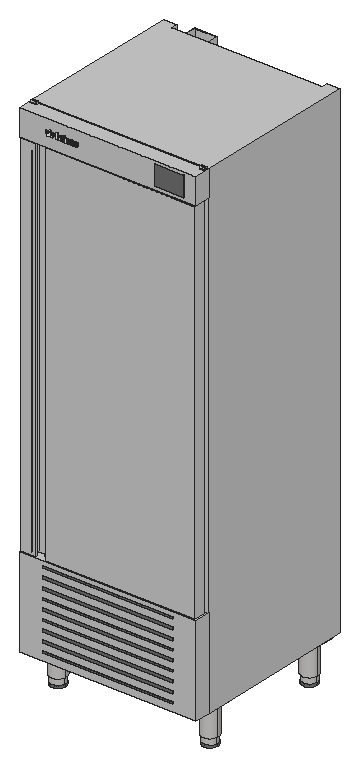
Revit family "QF_INFRICO_AN501BT_250808100037", category Specialty Equipment, Revit 2021
Family settings
  Round Connector Dimension = Use Diameter
  Part Type = Normal
  OmniClass Number = 23.40.40.14
  OmniClass Title = Food Service Equipment
  Work Plane-Based = No
  Always vertical = Yes
  Cut with Voids When Loaded = No
  Shared = No
  Room Calculation Point = No
Parameters (values of type "AN501BT")
  Weight [instance] = 0.00 kg
  Waste Water Discharge Temperature [instance] = 0 °C
  Waste Remarks [instance] = ""
  Warranty Start Date [instance] = ""
  Warranty Duration [instance] = ""
  Volts [instance] = 230 V
  Volt Free Conn [instance] = no
  URL Recommended Spares List [instance] = ""
  URL Manufacturer [instance] = ""
  URL Cutsheet [instance] = ""
  URL Critical Spares List [instance] = ""
  URL = "www.infrico.com"
  Technical Documentation [instance] = ""
  Tag Number [instance] = ""
  Status [instance] = ""
  Start Up Current [instance] = 0 A
  Specification by User [instance] = ""
  Specification by Manufacturer [instance] = ""
  Sound Level [instance] = ""
  Show Logo [instance] = yes
  Show Clearances [instance] = yes
  Service Life Duration [instance] = ""
  Serial Number [instance] = ""
  Seismic Rating [instance] = ""
  SMACNA No [instance] = ""
  Revision Code [instance] = ""
  Revision [instance] = ""
  Production Year [instance] = ""
  Potential Equalisation [instance] = no
  Point Load [instance] = 0
  Plumbing Connection Type [instance] = ""
  Phase [instance] = 1
  Other Equipment Approvals [instance] = ""
  Operational Current [instance] = 0 A
  Number of Poles [instance] = 2
  No Load Power Draw [instance] = no
  NAFEM Spec ID Number [instance] = ""
  Model Warning [instance] = ""
  Model = "AN501BT"
  Min Ckt Ampacity [instance] = 0 A
  Max Overcurrent Protection [instance] = 0 A
  Masterspec [instance] = ""
  Manufacturer = "INFRICO"
  Main switch integrated [instance] = no
  Length Actual [instance] = 687.07 mm
  Item Number [instance] = ""
  Installed By [instance] = ""
  Installation Date [instance] = ""
  Indirect Waste Size [instance] = 19.05 mm
  Indirect Waste Remarks [instance] = ""
  Indirect Waste Flow [instance] = 0.0 L/s
  Indirect Waste Connection Type [instance] = ""
  Indirect Waste Connection Height [instance] = 0 mm
  Identify Quantity as Lot [instance] = no
  ID [instance] = ""
  Hygiene Approval [instance] = ""
  Height Actual [instance] = 2059.94 mm
  HP power [instance] = ""
  Furnished By [instance] = ""
  Foodservice Equipment Identifier [instance] = no
  FL Amps [instance] = 0 A
  Electrical Remarks [instance] = ""
  Electric power [instance] = 600 W
  Electric Connection Type [instance] = ""
  Elec Conn RI Height [instance] = 0 mm
  Elec Conn Connection Height [instance] = 0 mm
  ETL Approved [instance] = no
  Direct Waste Water Discharge Temperature [instance] = -273.15 °C
  Direct Waste Size [instance] = 19.05 mm
  Direct Waste RI Height [instance] = 0 mm
  Direct Waste Flow [instance] = 0.0 L/s
  Direct Waste Connection Height [instance] = 0 mm
  Description = "BOTTOM MOUNTED REFRIGERATOR AND FREEZER REACH IN - ONE DOOR - R290"
  Depth Actual [instance] = 700.024 mm
  Default Elevation = 0 mm
  Cycle [instance] = 50 Hz
  Cost = 0
  Connection to energy optimisation system [instance] = yes
  Conn Plug [instance] = ""
  Conn Conduit [instance] = no
  Centralized building control system with digital interface [instance] = ""
  CSI MasterFormat [instance] = ""
  CE Approved [instance] = no
  Barcode [instance] = 0
  Author [instance] = ""
  Asset Identifier [instance] = ""
  Apparent Power [instance] = 600 VA
  Accessory [instance] = no
Reference planes
  plane 1 "Center (Front/Back)": y = 0
  plane 2: z = 0
  plane 3 "Center (Left/Right)": x = 0
Forms (mm)
  Extrusion 1, solid, not visible
    sketch origin (343.517, -106.005, 409.52) x (1, 0, 0) y (0, 1, 0)
      loop
        line (-2, 2) -> (-2, -2) -> (2, -2) -> (2, 2) -> (-2, 2)
    from -2 to 2
  Extrusion 2, solid, not visible
    sketch origin (563.027, -20.001, 2021.099) x (1, 0, 0) y (0, 1, 0)
      loop
        line (-2, 2) -> (-2, -2) -> (2, -2) -> (2, 2) -> (-2, 2)
    from -2 to 2
Dimensions and locks
  locked: nested 2 to Extrusion 1 at 2  (x2)
  locked: nested 3 to Extrusion 2 at 2  (x2)
  aligned and locked: level to plane 2
Nested families
  nested 1: "QF_INFRICO_A500_2920" at (0, 0, 150), type "AN501BT"
    with Weight 0.00 kg, Warranty Start Date "", Warranty Duration "", URL Cutsheet "", Technical Documentation "", Tag Number "", Status "", Specification by User "", Specification by Manufacturer "", Sound Level "", Solid Fuel Type "", Show Logo yes, Show Clearances yes, Show Clearance yes, Service Life Duration "", Serial Number "", Seismic Rating "", SMACNA No "", Revision Code "", Revision "", Production Year "", Point Load 0, Other Equipment Approvals "", NAFEM Spec ID Number "", Model Warning "", Masterspec "", Length Actual 687.07 mm, Item Number "", Installed By "", Installation Date "", Identify Quantity as Lot yes, ID "", Hygiene Approval "", Height Actual 2059.94 mm, Furnished By "", Foodservice Equipment Identifier yes, ETL Approved yes, Depth Actual 700.024 mm, CSI MasterFormat "", CE Approved no, Barcode "", Author "", Asset Identifier "", Accessory no
  nested 2: "CONN_POINT_DRAIN_2D___Generic_Annotation" at (343.517, -106.005, 407.52), type "CONN_POINT_DRAIN_2D___Generic_Annotation"
    with Onboard connection annotation symbol visibility yes
  nested 3: "CONN_POINT_ELE_2D___Generic_Annotation" at (563.027, -20.001, 2019.099), type "CONN_POINT_ELE_2D___Generic_Annotation"
    with Onboard connection annotation symbol visibility yes
  nested 4: "QF_INFRICO_AN_DOOR_DX_10_4932" at (5, -640, 505), type "AN_DOOR_DX_10"
    with Weight 0.00 kg, Warranty Start Date "", Warranty Duration "", URL Cutsheet "", Technical Documentation "", Tag Number "", Status "", Specification by User "", Specification by Manufacturer "", Sound Level "", Solid Fuel Type "", Show Logo yes, Show Clearances yes, Show Clearance yes, Service Life Duration "", Serial Number "", Seismic Rating "", SMACNA No "", Revision Code "", Revision "", Production Year "", Point Load 0, Other Equipment Approvals "", NAFEM Spec ID Number "", Model Warning "", Masterspec "", Length Actual 675.894 mm, Item Number "", Installed By "", Installation Date "", Identify Quantity as Lot yes, ID "", Hygiene Approval "", Height Actual 1441.958 mm, Furnished By "", Foodservice Equipment Identifier yes, ETL Approved yes, Depth Actual 60.96 mm, CSI MasterFormat "", CE Approved no, Barcode "", Author "", Asset Identifier "", Accessory yes
  nested 5: "QF_INFRICO_LEGS_REACH_INS_5719" at (0, 0, 0), type "LEGS_687_640"
    with Weight 0.00 kg, Warranty Start Date "", Warranty Duration "", URL Cutsheet "", Technical Documentation "", Tag Number "", Status "", Specification by User "", Specification by Manufacturer "", Sound Level "", Solid Fuel Type "", Show Logo yes, Show Clearances yes, Service Life Duration "", Serial Number "", Seismic Rating "", SMACNA No "", Revision Code "", Revision "", Production Year "", Point Load 0, Other Equipment Approvals "", NAFEM Spec ID Number "", Model Warning "", Masterspec "", Length Actual 687.07 mm, Item Number "", Installed By "", Installation Date "", Identify Quantity as Lot yes, ID "", Hygiene Approval "", Height Actual 150.114 mm, Furnished By "", Foodservice Equipment Identifier yes, ETL Approved yes, Depth Actual 640.08 mm, CSI MasterFormat "", CE Approved no, Barcode "", Author "", Asset Identifier "", Accessory yes
Connectors
  piping at (343.517, -106.005, 407.52), diameter 19.05, driven by "Indirect Waste Size", driven by "Direct Waste Flow"
    settings: on Extrusion 1, index 1, connector inside diameter 609.6 mm, connector length 0 mm, flow factor 0, pipe flow 0.0 L/s, pressure drop 0.0 Pa, fitting loss kfactor 0, connector angle 0.00°, fixture units 0, engagement length 0 mm, angle of deflection 0.00°, flow configuration 1, flow direction 2, fitting loss method 0, system type 16, joint type 0, gender type 0, connector reference index -1, connector utility 0, adjustable connector no, is connector primary yes, connector description "Waste connection for AN501BT"
  electrical at (563.027, -20.001, 2019.099), driven by "Apparent Power", driven by "Number of Poles", driven by "Volts"
    settings: on Extrusion 2, index 2, voltage 230 V, apparent load 0 VA, apparent load phase1 600 VA, apparent load phase2 0 VA, apparent load phase3 0 VA, power factor 1, load classification "Other", number of poles 2, system type 31, power factor state 1, is connector primary yes, connector utility no, sub classification motor no, connector description "Electrical connection for AN501BT"
Definition of nested family "QF_INFRICO_A500_2920"
  Parameters (values of type "AEX500TF")
    Weight [instance] = 0.00 kg
    Warranty Start Date [instance] = ""
    Warranty Duration [instance] = ""
    URL Cutsheet [instance] = ""
    URL = "www.infrico.com"
    Technical Documentation [instance] = ""
    Tag Number [instance] = ""
    Status [instance] = ""
    Specification by User [instance] = ""
    Specification by Manufacturer [instance] = ""
    Sound Level [instance] = ""
    Solid Fuel Type [instance] = ""
    Show Logo [instance] = yes
    Show Clearances [instance] = yes
    Show Clearance [instance] = yes
    Service Life Duration [instance] = ""
    Serial Number [instance] = ""
    Seismic Rating [instance] = ""
    SMACNA No [instance] = ""
    Revision Code [instance] = ""
    Revision [instance] = ""
    Production Year [instance] = ""
    Point Load [instance] = 0
    Other Equipment Approvals [instance] = ""
    NAFEM Spec ID Number [instance] = ""
    Model Warning [instance] = ""
    Model = "AEX500TF"
    Masterspec [instance] = ""
    Manufacturer = "INFRICO"
    Length Actual [instance] = 0 mm
    Item Number [instance] = ""
    Installed By [instance] = ""
    Installation Date [instance] = ""
    Identify Quantity as Lot [instance] = yes
    ID [instance] = ""
    Hygiene Approval [instance] = ""
    Height Actual [instance] = 0 mm
    Furnished By [instance] = ""
    Foodservice Equipment Identifier [instance] = yes
    ETL Approved [instance] = yes
    Description = "BOTTOM MOUNTED REFRIGERATOR AND FREEZER GLASS DOOR REACH IN - ONE DOOR - R134A REFRIGERANT"
    Depth Actual [instance] = 0 mm
    Default Elevation = 0 mm
    CSI MasterFormat [instance] = ""
    CE Approved [instance] = yes
    Barcode [instance] = ""
    Author [instance] = ""
    Asset Identifier [instance] = ""
    Assembly Code = "E1090320"
    Accessory [instance] = yes
  Types (8, lengths in mm): name | Model | Description
    AEX500TF | "AEX500TF" | "BOTTOM MOUNTED REFRIGERATOR AND FREEZER GLASS DOOR REACH IN - ONE DOOR - R134A REFRIGERANT"
    AN502BT | "AN502BT" | "BOTTOM MOUNTED REFRIGERATOR REACH IN - TWO DOORS - R290 REFRIGERANT"
    AN502TF-R290 | "AN502TF" | "BOTTOM MOUNTED REFRIGERATOR REACH IN - TWO DOORS - R290 REFRIGERANT"
    AN502TF | "AN502TF" | "BOTTOM MOUNTED REFRIGERATOR REACH IN - TWO DOORS - R134A REFRIGERANT"
    AN501TF | "AN501TF" | "BOTTOM MOUNTED REFRIGERATOR AND FREEZER REACH IN - ONE DOOR - R134A REFRIGERANT"
    AN501TF-R290 | "AN501TF" | "BOTTOM MOUNTED REFRIGERATOR AND FREEZER REACH IN - ONE DOOR - R290 REFRIGERANT"
    AN501BTCR | "AN501BTCR" | "BOTTOM MOUNTED REFRIGERATOR AND FREEZER GLASS DOOR REACH IN - ONE DOOR - R290 REFRIGERANT"
    AN501BT | "AN501BT" | "BOTTOM MOUNTED REFRIGERATOR AND FREEZER REACH IN - ONE DOOR - R290 REFRIGERANT"
  Reference planes
    plane 1 "Back": y = 0
    plane 2: z = 0
    plane 3 "Left": x = 0
    plane 4 "Right": x = 687
    plane 5 "Front": y = -700
    plane 6 "Top": z = 1902
  Forms (mm)
    Extrusion 1, solid
      sketch origin (0, -95, 1652) x (1, 0, 0) y (0, 1, 0)
        loop
          line (0, -545) -> (0, -605) -> (687, -605) -> (687, -545) -> (684.5, -545) -> (684.5, -558) -> (662, -558) -> (662, -545) -> (25, -545) -> (25, -558) -> (2.5, -558) -> (2.5, -545) -> (0, -545)
      from 150 to 250
    Extrusion 2, solid
      sketch origin (0, -95, 0) x (0, 1, 0) y (0, 0, 1)
        loop
          line (-545, 350) -> (-605, 350) -> (-605, 0) -> (-545, 0) -> (-545, 350)
      from 0 to 687
    Extrusion 3, solid
      sketch origin (-2880.873, -698.1, -227.949) x (1, 0, 0) y (0, 0, 1)
        loop
          line (3478.016, 523.949) -> (2970.73, 523.949) -> (2970.73, 514.949) -> (3478.016, 514.949) -> (3478.016, 523.949)
        loop
          line (3478.016, 486.949) -> (2970.73, 486.949) -> (2970.73, 477.949) -> (3478.016, 477.949) -> (3478.016, 486.949)
        loop
          line (3478.016, 449.949) -> (2970.73, 449.949) -> (2970.73, 440.949) -> (3478.016, 440.949) -> (3478.016, 449.949)
        loop
          line (3478.016, 412.949) -> (2970.73, 412.949) -> (2970.73, 403.949) -> (3478.016, 403.949) -> (3478.016, 412.949)
        loop
          line (3478.016, 375.949) -> (2970.73, 375.949) -> (2970.73, 366.949) -> (3478.016, 366.949) -> (3478.016, 375.949)
        loop
          line (3478.016, 338.949) -> (2970.73, 338.949) -> (2970.73, 329.949) -> (3478.016, 329.949) -> (3478.016, 338.949)
        loop
          line (3478.016, 301.949) -> (2970.73, 301.949) -> (2970.73, 292.949) -> (3478.016, 292.949) -> (3478.016, 301.949)
        loop
          line (3478.016, 264.949) -> (2970.73, 264.949) -> (2970.73, 255.949) -> (3478.016, 255.949) -> (3478.016, 264.949)
        loop
          line (3478.016, 560.949) -> (2970.73, 560.949) -> (2970.73, 551.949) -> (3478.016, 551.949) -> (3478.016, 560.949)
      from 0 to 2
    Extrusion 4, solid, visible <- "Show Logo"
      sketch origin (-1062.353, -699, 1146.37) x (1, 0, 0) y (0, 0, 1)
        loop
          line (1208.799, 696.53) -> (1208.799, 719.204) -> (1204.173, 719.204) -> (1204.173, 696.53) -> (1208.799, 696.53)
        loop
          line (1214.779, 713.006) -> (1211.283, 713.006) -> (1211.283, 696.53) -> (1215.772, 696.53) -> (1215.772, 707.832)
          arc (1215.772, 707.832) -> (1217.528, 708.741) -> (1219.417, 709.324) r 11.052
          arc (1219.417, 709.324) -> (1220.929, 708.961) -> (1221.598, 707.557) r 1.806
          line (1221.598, 707.557) -> (1221.598, 696.53) -> (1226.121, 696.53) -> (1226.121, 708.689)
          arc (1226.121, 708.689) -> (1224.637, 712.075) -> (1221.141, 713.281) r 4.607
          arc (1221.141, 713.281) -> (1218.282, 712.674) -> (1215.669, 711.361) r 11.435
          line (1215.669, 711.361) -> (1215.601, 712.184)
          arc (1215.601, 712.184) -> (1215.36, 712.765) -> (1214.779, 713.006) r 0.822
        loop
          line (1238.557, 720.102) -> (1237.306, 720.102)
          arc (1237.306, 720.102) -> (1235.052, 719.926) -> (1232.881, 719.297) r 11.103
          arc (1232.881, 719.297) -> (1230.805, 717.616) -> (1230.024, 715.062) r 4.567
          line (1230.024, 715.062) -> (1230.024, 712.909) -> (1227.351, 712.703) -> (1227.351, 709.374) -> (1230.024, 709.374) -> (1230.024, 696.53) -> (1234.547, 696.53) -> (1234.547, 709.374) -> (1238.249, 709.374) -> (1238.249, 712.938) -> (1234.547, 712.938) -> (1234.547, 714.548)
          arc (1234.547, 714.548) -> (1234.956, 715.705) -> (1236.045, 716.271) r 1.67
          line (1236.045, 716.271) -> (1237.7, 716.399)
          arc (1237.7, 716.399) -> (1238.306, 716.65) -> (1238.557, 717.255) r 0.857
          line (1238.557, 717.255) -> (1238.557, 720.102)
        loop
          line (1239.479, 713.006) -> (1239.479, 696.53) -> (1243.968, 696.53) -> (1243.968, 707.352)
          arc (1243.968, 707.352) -> (1245.873, 708.631) -> (1248.077, 709.268) r 7.435
          line (1248.077, 709.268) -> (1249.241, 709.416)
          arc (1249.241, 709.416) -> (1249.643, 709.758) -> (1249.793, 710.265) r 0.928
          line (1249.793, 710.265) -> (1249.793, 712.458)
          arc (1249.793, 712.458) -> (1249.531, 713.061) -> (1248.912, 713.28) r 0.824
          arc (1248.912, 713.28) -> (1246.197, 712.588) -> (1243.899, 710.984) r 7.833
          line (1243.899, 710.984) -> (1243.726, 713.006) -> (1239.479, 713.006)
        loop
          line (1255.495, 696.53) -> (1255.495, 713.006) -> (1251.006, 713.006) -> (1251.006, 696.53) -> (1255.495, 696.53)
        loop
          arc (1257.421, 701.327) -> (1258.567, 698.188) -> (1261.466, 696.525) r 4.873
          arc (1261.466, 696.525) -> (1264.493, 696.266) -> (1267.521, 696.525) r 17.816
          arc (1267.521, 696.525) -> (1270.575, 699.134) -> (1271.505, 703.041) r 6.481
          line (1271.505, 703.041) -> (1267.187, 703.041) -> (1267.187, 701.67)
          arc (1267.187, 701.67) -> (1266.64, 700.452) -> (1265.442, 699.865) r 1.965
          arc (1265.442, 699.865) -> (1264.547, 699.816) -> (1263.653, 699.865) r 8.196
          arc (1263.653, 699.865) -> (1262.417, 700.415) -> (1261.91, 701.67) r 1.806
          line (1261.91, 701.67) -> (1261.91, 707.9)
          arc (1261.91, 707.9) -> (1262.417, 709.155) -> (1263.653, 709.705) r 1.806
          arc (1263.653, 709.705) -> (1264.547, 709.754) -> (1265.442, 709.705) r 8.196
          arc (1265.442, 709.705) -> (1266.64, 709.118) -> (1267.187, 707.9) r 1.965
          line (1267.187, 707.9) -> (1267.187, 706.838) -> (1271.505, 706.838)
          arc (1271.505, 706.838) -> (1270.524, 710.556) -> (1267.521, 712.959) r 6.132
          arc (1267.521, 712.959) -> (1264.493, 713.294) -> (1261.466, 712.959) r 13.851
          arc (1261.466, 712.959) -> (1258.571, 711.349) -> (1257.421, 708.243) r 4.772
          line (1257.421, 708.243) -> (1257.421, 701.327)
        loop
          arc (1272.916, 701.329) -> (1273.993, 698.345) -> (1276.726, 696.734) r 4.676
          arc (1276.726, 696.734) -> (1278.515, 696.455) -> (1280.318, 696.291) r 28.371
          arc (1280.318, 696.291) -> (1282.122, 696.455) -> (1283.911, 696.734) r 28.371
          arc (1283.911, 696.734) -> (1286.644, 698.345) -> (1287.72, 701.329) r 4.676
          line (1287.72, 701.329) -> (1287.72, 708.242)
          arc (1287.72, 708.242) -> (1286.644, 711.226) -> (1283.911, 712.837) r 4.676
          arc (1283.911, 712.837) -> (1282.122, 713.116) -> (1280.318, 713.28) r 28.371
          arc (1280.318, 713.28) -> (1278.515, 713.116) -> (1276.726, 712.837) r 28.371
          arc (1276.726, 712.837) -> (1273.993, 711.226) -> (1272.916, 708.242) r 4.676
          line (1272.916, 708.242) -> (1272.916, 701.329)
        loop
          line (1277.405, 707.866) -> (1277.405, 701.705)
          arc (1277.405, 701.705) -> (1277.844, 700.556) -> (1278.936, 699.991) r 1.725
          arc (1278.936, 699.991) -> (1279.627, 699.918) -> (1280.318, 699.856) r 46.133
          arc (1280.318, 699.856) -> (1281.01, 699.918) -> (1281.701, 699.991) r 46.133
          arc (1281.701, 699.991) -> (1282.793, 700.556) -> (1283.231, 701.705) r 1.725
          line (1283.231, 701.705) -> (1283.231, 707.866)
          arc (1283.231, 707.866) -> (1282.793, 709.015) -> (1281.701, 709.58) r 1.725
          arc (1281.701, 709.58) -> (1281.01, 709.653) -> (1280.318, 709.716) r 46.133
          arc (1280.318, 709.716) -> (1279.627, 709.653) -> (1278.936, 709.58) r 46.133
          arc (1278.936, 709.58) -> (1277.844, 709.015) -> (1277.405, 707.866) r 1.725
        loop
          arc (1190.339, 696.543) -> (1191.411, 696.987) -> (1191.856, 698.059) r 1.516
          line (1191.856, 698.059) -> (1191.856, 703.891) -> (1196.035, 703.891)
          arc (1196.035, 703.891) -> (1196.79, 704.121) -> (1197.218, 704.782) r 1.147
          line (1197.218, 704.782) -> (1197.218, 706.211)
          arc (1197.218, 706.211) -> (1196.787, 707.258) -> (1195.719, 707.634) r 1.385
          line (1195.719, 707.634) -> (1194.52, 707.634) -> (1197.218, 710.332)
          arc (1197.218, 710.332) -> (1197.605, 711.266) -> (1197.218, 712.2) r 1.321
          line (1197.218, 712.2) -> (1196.495, 712.923)
          arc (1196.495, 712.923) -> (1195.54, 713.338) -> (1194.558, 712.991) r 1.422
          line (1194.558, 712.991) -> (1191.853, 710.286) -> (1191.853, 711.479)
          arc (1191.853, 711.479) -> (1191.443, 712.516) -> (1190.435, 712.992) r 1.516
          line (1190.435, 712.992) -> (1189.514, 712.992)
          arc (1189.514, 712.992) -> (1188.511, 712.514) -> (1188.103, 711.479) r 1.516
          line (1188.103, 711.479) -> (1188.103, 706.83) -> (1182.073, 701.336) -> (1182.073, 707.509) -> (1185.639, 711.075)
          arc (1185.639, 711.075) -> (1186.053, 712.073) -> (1185.639, 713.071) r 1.412
          line (1185.639, 713.071) -> (1184.987, 713.723)
          arc (1184.987, 713.723) -> (1183.939, 714.141) -> (1182.915, 713.667) r 1.428
          line (1182.915, 713.667) -> (1182.073, 712.825) -> (1182.073, 717.784)
          arc (1182.073, 717.784) -> (1181.658, 718.787) -> (1180.655, 719.203) r 1.418
          line (1180.655, 719.203) -> (1179.726, 719.203)
          arc (1179.726, 719.203) -> (1178.723, 718.787) -> (1178.308, 717.784) r 1.418
          line (1178.308, 717.784) -> (1178.308, 712.825) -> (1177.466, 713.667)
          arc (1177.466, 713.667) -> (1176.442, 714.141) -> (1175.394, 713.723) r 1.428
          line (1175.394, 713.723) -> (1174.742, 713.071)
          arc (1174.742, 713.071) -> (1174.328, 712.073) -> (1174.742, 711.075) r 1.412
          line (1174.742, 711.075) -> (1178.308, 707.509) -> (1178.308, 701.336) -> (1172.278, 706.83) -> (1172.278, 711.479)
          arc (1172.278, 711.479) -> (1171.87, 712.514) -> (1170.867, 712.992) r 1.516
          line (1170.867, 712.992) -> (1169.946, 712.992)
          arc (1169.946, 712.992) -> (1168.938, 712.516) -> (1168.528, 711.479) r 1.516
          line (1168.528, 711.479) -> (1168.528, 710.286) -> (1165.823, 712.991)
          arc (1165.823, 712.991) -> (1164.841, 713.338) -> (1163.886, 712.923) r 1.422
          line (1163.886, 712.923) -> (1163.163, 712.2)
          arc (1163.163, 712.2) -> (1162.776, 711.266) -> (1163.163, 710.332) r 1.321
          line (1163.163, 710.332) -> (1165.861, 707.634) -> (1164.662, 707.634)
          arc (1164.662, 707.634) -> (1163.594, 707.258) -> (1163.163, 706.211) r 1.385
          line (1163.163, 706.211) -> (1163.163, 704.782)
          arc (1163.163, 704.782) -> (1163.591, 704.121) -> (1164.346, 703.891) r 1.147
          line (1164.346, 703.891) -> (1168.525, 703.891) -> (1168.525, 698.059)
          arc (1168.525, 698.059) -> (1168.969, 696.987) -> (1170.042, 696.543) r 1.516
          line (1170.042, 696.543) -> (1190.339, 696.543)
      from 0 to 2
    Extrusion 5, solid
      sketch origin (-640.933, -4.97, 1236.674) x (1, 0, 0) y (0, 0, 1)
        loop
          line (1169.616, 654.3) -> (1169.616, 577.9) -> (1281.216, 577.9) -> (1281.216, 654.3) -> (1169.616, 654.3)
      from 695.03 to 697.03
    Extrusion 6, solid
      sketch origin (5, -77, -10) x (0, 1, 0) y (0, 0, 1)
        loop
          line (-567, 1911) -> (-563, 1911) -> (-563, 1914.5)
          arc (-563, 1914.5) -> (-564.062, 1917.463) -> (-565.924, 1920) r 10.917
          line (-565.924, 1920) -> (-573.076, 1920)
          arc (-573.076, 1920) -> (-574.938, 1917.463) -> (-576, 1914.5) r 10.917
          line (-576, 1914.5) -> (-576, 1911) -> (-572, 1911) -> (-572, 1914.5)
          arc (-572, 1914.5) -> (-569.5, 1917) -> (-567, 1914.5) r 2.5
          line (-567, 1914.5) -> (-567, 1911)
      from 0 to 17.5
    Extrusion 7, solid
      sketch origin (2, -77, -10) x (0, 1, 0) y (0, 0, 1)
        loop
          arc (-567.161, 1915.382) -> (-569.948, 1916.96) -> (-572, 1914.5) r 2.5
          line (-572, 1914.5) -> (-571.49, 1908.671) -> (-564.851, 1909.252) -> (-567.161, 1915.382)
      from 0.5 to 3
    Extrusion 8, solid
      sketch origin (22, -77, -10) x (0, 1, 0) y (0, 0, 1)
        loop
          arc (-567.161, 1915.382) -> (-569.948, 1916.96) -> (-572, 1914.5) r 2.5
          line (-572, 1914.5) -> (-571.49, 1908.671) -> (-564.851, 1909.252) -> (-567.161, 1915.382)
      from 0.5 to 3
    Extrusion 9, solid
      sketch origin (664.5, -77, -10) x (0, 1, 0) y (0, 0, 1)
        loop
          line (-567, 1911) -> (-563, 1911) -> (-563, 1914.5)
          arc (-563, 1914.5) -> (-564.062, 1917.463) -> (-565.924, 1920) r 10.917
          line (-565.924, 1920) -> (-573.076, 1920)
          arc (-573.076, 1920) -> (-574.938, 1917.463) -> (-576, 1914.5) r 10.917
          line (-576, 1914.5) -> (-576, 1911) -> (-572, 1911) -> (-572, 1914.5)
          arc (-572, 1914.5) -> (-569.5, 1917) -> (-567, 1914.5) r 2.5
          line (-567, 1914.5) -> (-567, 1911)
      from 0 to 17.5
    Extrusion 10, solid
      sketch origin (661.5, -77, -10) x (0, 1, 0) y (0, 0, 1)
        loop
          arc (-567.161, 1915.382) -> (-569.948, 1916.96) -> (-572, 1914.5) r 2.5
          line (-572, 1914.5) -> (-571.49, 1908.671) -> (-564.851, 1909.252) -> (-567.161, 1915.382)
      from 0.5 to 3
    Extrusion 11, solid
      sketch origin (681.5, -77, -10) x (0, 1, 0) y (0, 0, 1)
        loop
          arc (-567.161, 1915.382) -> (-569.948, 1916.96) -> (-572, 1914.5) r 2.5
          line (-572, 1914.5) -> (-571.49, 1908.671) -> (-564.851, 1909.252) -> (-567.161, 1915.382)
      from 0.5 to 3
    Extrusion 12, solid
      sketch origin (0, 0, 0) x (1, 0, 0) y (0, 1, 0)
        loop
          line (0, -640) -> (20, -640) -> (20, -20) -> (50, -20) -> (50, 0) -> (0, 0) -> (0, -640)
        loop
          line (687, -640) -> (687, 0) -> (637, 0) -> (637, -20) -> (667, -20) -> (667, -640) -> (687, -640)
      from 0 to 1902
    Extrusion 13, solid
      sketch origin (0, 0, 0) x (1, 0, 0) y (0, 1, 0)
        loop
          line (20, -20) -> (20, -640) -> (667, -640) -> (667, -20) -> (20, -20)
        loop
          line (50, -610) -> (637, -610) -> (637, -50) -> (50, -50) -> (50, -610)
      from 257.5 to 1902
    Extrusion 14, solid
      sketch origin (-120.635, 115, 405) x (1, 0, 0) y (0, 1, 0)
        loop
          arc (214.135, -210) -> (203.529, -214.393) -> (199.135, -225) r 15
          line (199.135, -225) -> (199.135, -665)
          arc (199.135, -665) -> (203.529, -675.607) -> (214.135, -680) r 15
          line (214.135, -680) -> (714.135, -680)
          arc (714.135, -680) -> (724.742, -675.607) -> (729.135, -665) r 15
          line (729.135, -665) -> (729.135, -225)
          arc (729.135, -225) -> (724.742, -214.393) -> (714.135, -210) r 15
          line (714.135, -210) -> (214.135, -210)
        loop
          arc (209.135, -665) -> (210.6, -668.536) -> (214.135, -670) r 5
          line (214.135, -670) -> (236.635, -670) -> (236.635, -220) -> (214.135, -220)
          arc (214.135, -220) -> (210.6, -221.464) -> (209.135, -225) r 5
          line (209.135, -225) -> (209.135, -665)
        loop
          line (691.635, -220) -> (691.635, -670) -> (714.135, -670)
          arc (714.135, -670) -> (717.671, -668.536) -> (719.135, -665) r 5
          line (719.135, -665) -> (719.135, -225)
          arc (719.135, -225) -> (717.671, -221.464) -> (714.135, -220) r 5
          line (714.135, -220) -> (691.635, -220)
        loop
          line (686.635, -220) -> (646.635, -220) -> (646.635, -670) -> (686.635, -670) -> (686.635, -220)
        loop
          line (641.635, -220) -> (601.635, -220) -> (601.635, -670) -> (641.635, -670) -> (641.635, -220)
        loop
          line (596.635, -220) -> (556.635, -220) -> (556.635, -670) -> (596.635, -670) -> (596.635, -220)
        loop
          line (551.635, -220) -> (511.635, -220) -> (511.635, -670) -> (551.635, -670) -> (551.635, -220)
        loop
          line (506.635, -220) -> (466.635, -220) -> (466.635, -670) -> (506.635, -670) -> (506.635, -220)
        loop
          line (461.635, -220) -> (421.635, -220) -> (421.635, -670) -> (461.635, -670) -> (461.635, -220)
        loop
          line (416.635, -220) -> (376.635, -220) -> (376.635, -670) -> (416.635, -670) -> (416.635, -220)
        loop
          line (371.635, -220) -> (331.635, -220) -> (331.635, -670) -> (371.635, -670) -> (371.635, -220)
        loop
          line (326.635, -220) -> (286.635, -220) -> (286.635, -670) -> (326.635, -670) -> (326.635, -220)
        loop
          line (281.635, -220) -> (241.635, -220) -> (241.635, -670) -> (281.635, -670) -> (281.635, -220)
      from 95 to 100
    Extrusion 15, void
      sketch origin (0, -390, 0) x (1, 0, 0) y (0, 0, 1)
        loop
          line (50, 425) -> (637, 425) -> (637, 1742) -> (50, 1742) -> (50, 425)
      from 220 to 250
    Extrusion 16, solid
      sketch origin (20, 0, 0) x (1, 0, 0) y (0, 0, 1)
        loop
          line (52, 500) -> (52, 526.5) -> (50, 526.5) -> (50, 498) -> (68.5, 498) -> (68.5, 500) -> (52, 500)
      from 50 to 610
    Extrusion 17, solid
      sketch origin (-120.635, 115, 655) x (1, 0, 0) y (0, 1, 0)
        loop
          arc (214.135, -210) -> (203.529, -214.393) -> (199.135, -225) r 15
          line (199.135, -225) -> (199.135, -665)
          arc (199.135, -665) -> (203.529, -675.607) -> (214.135, -680) r 15
          line (214.135, -680) -> (714.135, -680)
          arc (714.135, -680) -> (724.742, -675.607) -> (729.135, -665) r 15
          line (729.135, -665) -> (729.135, -225)
          arc (729.135, -225) -> (724.742, -214.393) -> (714.135, -210) r 15
          line (714.135, -210) -> (214.135, -210)
        loop
          arc (209.135, -665) -> (210.6, -668.536) -> (214.135, -670) r 5
          line (214.135, -670) -> (236.635, -670) -> (236.635, -220) -> (214.135, -220)
          arc (214.135, -220) -> (210.6, -221.464) -> (209.135, -225) r 5
          line (209.135, -225) -> (209.135, -665)
        loop
          line (691.635, -220) -> (691.635, -670) -> (714.135, -670)
          arc (714.135, -670) -> (717.671, -668.536) -> (719.135, -665) r 5
          line (719.135, -665) -> (719.135, -225)
          arc (719.135, -225) -> (717.671, -221.464) -> (714.135, -220) r 5
          line (714.135, -220) -> (691.635, -220)
        loop
          line (686.635, -220) -> (646.635, -220) -> (646.635, -670) -> (686.635, -670) -> (686.635, -220)
        loop
          line (641.635, -220) -> (601.635, -220) -> (601.635, -670) -> (641.635, -670) -> (641.635, -220)
        loop
          line (596.635, -220) -> (556.635, -220) -> (556.635, -670) -> (596.635, -670) -> (596.635, -220)
        loop
          line (551.635, -220) -> (511.635, -220) -> (511.635, -670) -> (551.635, -670) -> (551.635, -220)
        loop
          line (506.635, -220) -> (466.635, -220) -> (466.635, -670) -> (506.635, -670) -> (506.635, -220)
        loop
          line (461.635, -220) -> (421.635, -220) -> (421.635, -670) -> (461.635, -670) -> (461.635, -220)
        loop
          line (416.635, -220) -> (376.635, -220) -> (376.635, -670) -> (416.635, -670) -> (416.635, -220)
        loop
          line (371.635, -220) -> (331.635, -220) -> (331.635, -670) -> (371.635, -670) -> (371.635, -220)
        loop
          line (326.635, -220) -> (286.635, -220) -> (286.635, -670) -> (326.635, -670) -> (326.635, -220)
        loop
          line (281.635, -220) -> (241.635, -220) -> (241.635, -670) -> (281.635, -670) -> (281.635, -220)
      from 95 to 100
    Extrusion 18, solid
      sketch origin (-120.635, 115, 985) x (1, 0, 0) y (0, 1, 0)
        loop
          arc (214.135, -210) -> (203.529, -214.393) -> (199.135, -225) r 15
          line (199.135, -225) -> (199.135, -665)
          arc (199.135, -665) -> (203.529, -675.607) -> (214.135, -680) r 15
          line (214.135, -680) -> (714.135, -680)
          arc (714.135, -680) -> (724.742, -675.607) -> (729.135, -665) r 15
          line (729.135, -665) -> (729.135, -225)
          arc (729.135, -225) -> (724.742, -214.393) -> (714.135, -210) r 15
          line (714.135, -210) -> (214.135, -210)
        loop
          arc (209.135, -665) -> (210.6, -668.536) -> (214.135, -670) r 5
          line (214.135, -670) -> (236.635, -670) -> (236.635, -220) -> (214.135, -220)
          arc (214.135, -220) -> (210.6, -221.464) -> (209.135, -225) r 5
          line (209.135, -225) -> (209.135, -665)
        loop
          line (691.635, -220) -> (691.635, -670) -> (714.135, -670)
          arc (714.135, -670) -> (717.671, -668.536) -> (719.135, -665) r 5
          line (719.135, -665) -> (719.135, -225)
          arc (719.135, -225) -> (717.671, -221.464) -> (714.135, -220) r 5
          line (714.135, -220) -> (691.635, -220)
        loop
          line (686.635, -220) -> (646.635, -220) -> (646.635, -670) -> (686.635, -670) -> (686.635, -220)
        loop
          line (641.635, -220) -> (601.635, -220) -> (601.635, -670) -> (641.635, -670) -> (641.635, -220)
        loop
          line (596.635, -220) -> (556.635, -220) -> (556.635, -670) -> (596.635, -670) -> (596.635, -220)
        loop
          line (551.635, -220) -> (511.635, -220) -> (511.635, -670) -> (551.635, -670) -> (551.635, -220)
        loop
          line (506.635, -220) -> (466.635, -220) -> (466.635, -670) -> (506.635, -670) -> (506.635, -220)
        loop
          line (461.635, -220) -> (421.635, -220) -> (421.635, -670) -> (461.635, -670) -> (461.635, -220)
        loop
          line (416.635, -220) -> (376.635, -220) -> (376.635, -670) -> (416.635, -670) -> (416.635, -220)
        loop
          line (371.635, -220) -> (331.635, -220) -> (331.635, -670) -> (371.635, -670) -> (371.635, -220)
        loop
          line (326.635, -220) -> (286.635, -220) -> (286.635, -670) -> (326.635, -670) -> (326.635, -220)
        loop
          line (281.635, -220) -> (241.635, -220) -> (241.635, -670) -> (281.635, -670) -> (281.635, -220)
      from 95 to 100
    Extrusion 19, solid
      sketch origin (-120.635, 115, 1315) x (1, 0, 0) y (0, 1, 0)
        loop
          arc (214.135, -210) -> (203.529, -214.393) -> (199.135, -225) r 15
          line (199.135, -225) -> (199.135, -665)
          arc (199.135, -665) -> (203.529, -675.607) -> (214.135, -680) r 15
          line (214.135, -680) -> (714.135, -680)
          arc (714.135, -680) -> (724.742, -675.607) -> (729.135, -665) r 15
          line (729.135, -665) -> (729.135, -225)
          arc (729.135, -225) -> (724.742, -214.393) -> (714.135, -210) r 15
          line (714.135, -210) -> (214.135, -210)
        loop
          arc (209.135, -665) -> (210.6, -668.536) -> (214.135, -670) r 5
          line (214.135, -670) -> (236.635, -670) -> (236.635, -220) -> (214.135, -220)
          arc (214.135, -220) -> (210.6, -221.464) -> (209.135, -225) r 5
          line (209.135, -225) -> (209.135, -665)
        loop
          line (691.635, -220) -> (691.635, -670) -> (714.135, -670)
          arc (714.135, -670) -> (717.671, -668.536) -> (719.135, -665) r 5
          line (719.135, -665) -> (719.135, -225)
          arc (719.135, -225) -> (717.671, -221.464) -> (714.135, -220) r 5
          line (714.135, -220) -> (691.635, -220)
        loop
          line (686.635, -220) -> (646.635, -220) -> (646.635, -670) -> (686.635, -670) -> (686.635, -220)
        loop
          line (641.635, -220) -> (601.635, -220) -> (601.635, -670) -> (641.635, -670) -> (641.635, -220)
        loop
          line (596.635, -220) -> (556.635, -220) -> (556.635, -670) -> (596.635, -670) -> (596.635, -220)
        loop
          line (551.635, -220) -> (511.635, -220) -> (511.635, -670) -> (551.635, -670) -> (551.635, -220)
        loop
          line (506.635, -220) -> (466.635, -220) -> (466.635, -670) -> (506.635, -670) -> (506.635, -220)
        loop
          line (461.635, -220) -> (421.635, -220) -> (421.635, -670) -> (461.635, -670) -> (461.635, -220)
        loop
          line (416.635, -220) -> (376.635, -220) -> (376.635, -670) -> (416.635, -670) -> (416.635, -220)
        loop
          line (371.635, -220) -> (331.635, -220) -> (331.635, -670) -> (371.635, -670) -> (371.635, -220)
        loop
          line (326.635, -220) -> (286.635, -220) -> (286.635, -670) -> (326.635, -670) -> (326.635, -220)
        loop
          line (281.635, -220) -> (241.635, -220) -> (241.635, -670) -> (281.635, -670) -> (281.635, -220)
      from 95 to 100
    Extrusion 20, solid
      sketch origin (0, -50, 0) x (1, 0, 0) y (0, 0, 1)
        loop
          line (60, 433) -> (70, 463) -> (70, 468) -> (70, 1643) -> (60, 1678) -> (50, 1678) -> (50, 433) -> (60, 433)
      from 0 to 20
    Extrusion 21, solid
      sketch origin (0, -590, 0) x (1, 0, 0) y (0, 0, 1)
        loop
          line (60, 433) -> (70, 463) -> (70, 468) -> (70, 1643) -> (60, 1678) -> (50, 1678) -> (50, 433) -> (60, 433)
      from 0 to 20
    Extrusion 22, solid
      sketch origin (667, 0, 0) x (-1, 0, 0) y (0, 0, -1)
        loop
          line (52, -500) -> (68.5, -500) -> (68.5, -498) -> (50, -498) -> (50, -526.5) -> (52, -526.5) -> (52, -500)
      from 50 to 610
    Extrusion 23, solid
      sketch origin (687, -50, 0) x (-1, 0, 0) y (0, 0, -1)
        loop
          line (60, -433) -> (50, -433) -> (50, -1678) -> (60, -1678) -> (70, -1643) -> (70, -468) -> (70, -463) -> (60, -433)
      from 0 to 20
    Extrusion 24, solid
      sketch origin (687, -590, 0) x (-1, 0, 0) y (0, 0, -1)
        loop
          line (60, -433) -> (50, -433) -> (50, -1678) -> (60, -1678) -> (70, -1643) -> (70, -468) -> (70, -463) -> (60, -433)
      from 0 to 20
    Extrusion 25, solid
      sketch origin (20, 0, 250) x (1, 0, 0) y (0, 0, 1)
        loop
          line (52, 500) -> (52, 526.5) -> (50, 526.5) -> (50, 498) -> (68.5, 498) -> (68.5, 500) -> (52, 500)
      from 50 to 610
    Extrusion 26, solid
      sketch origin (667, 0, 250) x (-1, 0, 0) y (0, 0, -1)
        loop
          line (52, -500) -> (68.5, -500) -> (68.5, -498) -> (50, -498) -> (50, -526.5) -> (52, -526.5) -> (52, -500)
      from 50 to 610
    Extrusion 27, solid
      sketch origin (20, 0, 580) x (1, 0, 0) y (0, 0, 1)
        loop
          line (52, 500) -> (52, 526.5) -> (50, 526.5) -> (50, 498) -> (68.5, 498) -> (68.5, 500) -> (52, 500)
      from 50 to 610
    Extrusion 28, solid
      sketch origin (667, 0, 580) x (-1, 0, 0) y (0, 0, -1)
        loop
          line (52, -500) -> (68.5, -500) -> (68.5, -498) -> (50, -498) -> (50, -526.5) -> (52, -526.5) -> (52, -500)
      from 50 to 610
    Extrusion 29, solid
      sketch origin (20, 0, 910) x (1, 0, 0) y (0, 0, 1)
        loop
          line (52, 500) -> (52, 526.5) -> (50, 526.5) -> (50, 498) -> (68.5, 498) -> (68.5, 500) -> (52, 500)
      from 50 to 610
    Extrusion 30, solid
      sketch origin (667, 0, 910) x (-1, 0, 0) y (0, 0, -1)
        loop
          line (52, -500) -> (68.5, -500) -> (68.5, -498) -> (50, -498) -> (50, -526.5) -> (52, -526.5) -> (52, -500)
      from 50 to 610
    Extrusion 31, solid
      sketch origin (0, 0, -30) x (1, 0, 0) y (0, 0, 1)
        loop
          line (50, 1927) -> (637, 1927) -> (637, 1932) -> (50, 1932) -> (50, 1927)
      from 50 to 610
    Extrusion 32, solid
      sketch origin (0, 0, -1927) x (1, 0, 0) y (0, 0, 1)
        loop
          line (20, 1927) -> (667, 1927) -> (667, 1932) -> (20, 1932) -> (20, 1927)
      from 20 to 640
    Extrusion 33, solid
      sketch origin (0, -10, -30) x (1, 0, 0) y (0, 0, 1)
        loop
          circle (563, 1899) r 12.7
      from 0 to 10
    Extrusion 34, solid
      sketch origin (0, 0, -1669.5) x (1, 0, 0) y (0, 0, 1)
        loop
          line (20, 1927) -> (667, 1927) -> (667, 1932) -> (20, 1932) -> (20, 1927)
      from 20 to 640
    Extrusion 35, solid
      sketch origin (0, 0, 247.5) x (1, 0, 0) y (0, 1, 0)
        loop
          circle (343.5, -106) r 9.525
      from 0 to 10
    Extrusion 36, solid
      sketch origin (122, -1937, -351) x (0, 0, -1) y (0, 1, 0)
        loop
          circle (-355, 1921) r 4
        loop
          circle (-630, 1923) r 2
        loop
          circle (-605, 1923) r 2
        loop
          circle (-580, 1923) r 2
        loop
          circle (-555, 1923) r 2
        loop
          circle (-530, 1923) r 2
        loop
          circle (-505, 1923) r 2
        loop
          circle (-480, 1923) r 2
        loop
          circle (-455, 1923) r 2
        loop
          circle (-430, 1923) r 2
        loop
          circle (-405, 1923) r 2
        loop
          circle (-380, 1923) r 2
        loop
          circle (-655, 1923) r 2
        loop
          circle (-680, 1923) r 2
        loop
          circle (-705, 1923) r 2
      from -72 to 515
    Extrusion 37, solid
      sketch origin (65, -1929, -348) x (1, 0, 0) y (0, 1, 0)
        loop
          circle (568, 1921) r 4
        loop
          circle (278.5, 1921) r 4
        loop
          circle (-11, 1921) r 4
      from 348 to 718
    Extrusion 38, solid
      sketch origin (-151, -5, 0) x (1, 0, 0) y (0, 1, 0)
        loop
          line (343.5, -15) -> (343.5, 25) -> (258.5, 25) -> (258.5, -15) -> (259.5, -15) -> (259.5, 24) -> (342.5, 24) -> (342.5, -15) -> (343.5, -15)
      from 370 to 1902
  Cuts and joins
    Extrusion 15 cuts Extrusion 12
    Extrusion 15 cuts Extrusion 13
    joined: Extrusion 12, Extrusion 13, Extrusion 24, Extrusion 31, Extrusion 32, Extrusion 34
  Lines and regions (mm)
    symbolic lines, visible <- "Show Clearance"
      curve 1: line (687, -700, 0) -> (687, 0, 0)
      curve 2: line (687, 0, 0) -> (637, 0, 0)
      curve 3: line (0, 0, 0) -> (0, -700, 0)
      curve 4: line (0, -700, 0) -> (687, -700, 0)
      curve 5: line (0, -640, 0) -> (687, -640, 0)
      curve 6: line (50, 0, 0) -> (0, 0, 0)
      curve 7: line (50, 0, 0) -> (50, -20, 0)
      curve 8: line (50, -20, 0) -> (637, -20, 0)
      curve 9: line (637, -20, 0) -> (637, 0, 0)
  Dimensions and locks
    plane 6 "Top" to level = 1902 mm  (x2)
    plane 4 "Right" to plane 3 "Left" = 687 mm
    plane 1 "Back" to plane 5 "Front" = 700 mm  (x2)
    plane 3 "Left" to plane 4 "Right" = 687 mm
    aligned and locked: level to plane 2
  Connectors
    electrical at (563, -10, 1869)
      settings: on Extrusion 33, index 1, voltage 0 V, apparent load 0 VA, apparent load phase1 0 VA, apparent load phase2 0 VA, apparent load phase3 0 VA, power factor 1, load classification none, number of poles 1, system type 31, power factor state 1, is connector primary yes, connector utility no, sub classification motor no, connector description "Electrical connection"
    piping at (343.5, -106, 247.5), diameter 19.1
      settings: on Extrusion 35, index 2, connector inside diameter 609.6 mm, connector length 0 mm, flow factor 0, pipe flow 0.0 L/s, pressure drop 0.0 Pa, fitting loss kfactor 0, connector angle 0.00°, fixture units 0, engagement length 0 mm, angle of deflection 0.00°, flow configuration 1, flow direction 2, fitting loss method 0, system type 16, joint type 0, gender type 0, connector reference index -1, connector utility 0, adjustable connector no, is connector primary yes, connector description "Drain connection"
Definition of nested family "QF_INFRICO_AN_DOOR_DX_10_4932"
  Parameters (values of type "AN_DOOR_DX_10")
    Weight [instance] = 0.00 kg
    Warranty Start Date [instance] = ""
    Warranty Duration [instance] = ""
    URL Cutsheet [instance] = ""
    URL = "www.infrico.com"
    Technical Documentation [instance] = ""
    Tag Number [instance] = ""
    Status [instance] = ""
    Specification by User [instance] = ""
    Specification by Manufacturer [instance] = ""
    Sound Level [instance] = ""
    Solid Fuel Type [instance] = ""
    Show Logo [instance] = yes
    Show Clearances [instance] = yes
    Show Clearance [instance] = yes
    Service Life Duration [instance] = ""
    Serial Number [instance] = ""
    Seismic Rating [instance] = ""
    SMACNA No [instance] = ""
    Revision Code [instance] = ""
    Revision [instance] = ""
    Production Year [instance] = ""
    Point Load [instance] = 0
    Other Equipment Approvals [instance] = ""
    NAFEM Spec ID Number [instance] = ""
    Model Warning [instance] = ""
    Model = "AN_DOOR_DX_10"
    Masterspec [instance] = ""
    Manufacturer = "INFRICO"
    Length Actual [instance] = 0 mm
    Item Number [instance] = ""
    Installed By [instance] = ""
    Installation Date [instance] = ""
    Identify Quantity as Lot [instance] = yes
    ID [instance] = ""
    Hygiene Approval [instance] = ""
    Height Actual [instance] = 0 mm
    Furnished By [instance] = ""
    Foodservice Equipment Identifier [instance] = yes
    ETL Approved [instance] = yes
    Description = "RIGHT DOOR"
    Depth Actual [instance] = 0 mm
    Default Elevation = 0 mm
    CSI MasterFormat [instance] = ""
    CE Approved [instance] = yes
    Barcode [instance] = ""
    Author [instance] = ""
    Asset Identifier [instance] = ""
    Assembly Code = "E1090320"
    Accessory [instance] = yes
  Reference planes
    plane 1 "Back": y = 0
    plane 2: z = 0
    plane 3 "Left": x = 0
    plane 4 "Right": x = 677
    plane 5 "Front": y = -60
    plane 6 "Top": z = 1442
  Forms (mm)
    Extrusion 1, solid
      sketch origin (-2385.326, 638.02, 676.39) x (1, 0, 0) y (0, 1, 0)
        loop
          line (2481.426, -698.02) -> (3062.326, -698.02) -> (3062.326, -654.02) -> (2385.326, -654.02) -> (2385.326, -664.81) -> (2392.592, -664.81) -> (2397.525, -683.218) -> (2385.326, -690.261) -> (2385.326, -698.02) -> (2442.566, -698.02) -> (2442.566, -694.947) -> (2417.304, -684.224)
          arc (2417.304, -684.224) -> (2416.774, -683.563) -> (2416.566, -682.741) r 2.001
          line (2416.566, -682.741) -> (2416.222, -672.896)
          arc (2416.222, -672.896) -> (2416.582, -671.631) -> (2417.663, -670.881) r 1.95
          line (2417.663, -670.881) -> (2428.604, -667.95) -> (2451.356, -667.95) -> (2481.426, -698.02)
      from -676.39 to 765.61
    Extrusion 2, solid
      sketch origin (129, 232, 4) x (1, 0, 0) y (0, 0, 1)
        loop
          line (533, 1423) -> (-114, 1423) -> (-114, 11) -> (533, 11) -> (533, 1423)
        loop
          line (503, 1393) -> (-84, 1393) -> (-84, 41) -> (503, 41) -> (503, 1393)
      from 232 to 248
    Extrusion 3, solid, detail levels coarse
      sketch origin (676, 1, 0) x (-1, 0, 0) y (0, -1, 0)
        loop
          line (-1, 61) -> (676, 61)
          arc (676, 61) -> (490.599, 508.599) -> (43, 694) r 633
          line (43, 694) -> (-1, 694) -> (-1, 61)
      from 0 to 1442
  Lines and regions (mm)
    symbolic lines, visible <- "Show Clearance"
      curve 1: line (677, -60, 0) -> (677, -693, 0)
      curve 2: line (677, -693, 0) -> (633, -693, 0)
      curve 3: line (633, -693, 0) -> (633, -60, 0)
      curve 4: arc (0, -60, 0) -> (185.401, -507.599, 0) -> (633, -693, 0) r 633
  Dimensions and locks
    plane 6 "Top" to level = 1442 mm  (x2)
    plane 4 "Right" to plane 3 "Left" = 677 mm
    plane 1 "Back" to plane 5 "Front" = 60 mm  (x2)
    plane 3 "Left" to plane 4 "Right" = 677 mm
    aligned and locked: level to plane 2
Definition of nested family "QF_INFRICO_LEGS_REACH_INS_5719"
  Parameters (values of type "LEGS_930_756")
    Weight [instance] = 0.00 kg
    Warranty Start Date [instance] = ""
    Warranty Duration [instance] = ""
    URL Cutsheet [instance] = ""
    URL = "www.infrico.com"
    Technical Documentation [instance] = ""
    Tag Number [instance] = ""
    Status [instance] = ""
    Specification by User [instance] = ""
    Specification by Manufacturer [instance] = ""
    Sound Level [instance] = ""
    Solid Fuel Type [instance] = ""
    Show Logo [instance] = yes
    Show Clearances [instance] = yes
    Service Life Duration [instance] = ""
    Serial Number [instance] = ""
    Seismic Rating [instance] = ""
    SMACNA No [instance] = ""
    Right offset = 228 mm
    Revision Code [instance] = ""
    Revision [instance] = ""
    Rear offset = 163 mm
    Production Year [instance] = ""
    Point Load [instance] = 0
    Other Equipment Approvals [instance] = ""
    NAFEM Spec ID Number [instance] = ""
    Model Warning [instance] = ""
    Model = "LEGS_930_756"
    Masterspec [instance] = ""
    Manufacturer = "INFRICO"
    Length Actual [instance] = 0 mm
    Length = 930 mm
    Left offset = 136 mm
    Item Number [instance] = ""
    Installed By [instance] = ""
    Installation Date [instance] = ""
    Identify Quantity as Lot [instance] = yes
    ID [instance] = ""
    Hygiene Approval [instance] = ""
    Height Actual [instance] = 0 mm
    Height = 150 mm
    Furnished By [instance] = ""
    Front offset = 60 mm
    Foodservice Equipment Identifier [instance] = yes
    ETL Approved [instance] = yes
    Description = "LEGS"
    Depth Actual [instance] = 0 mm
    Depth = 756 mm
    Default Elevation = 0 mm
    CentralLegs = if(Length > 2000 mm, 2 > 1, 2 < 1)  # no
    CSI MasterFormat [instance] = ""
    CE Approved [instance] = yes
    Barcode [instance] = ""
    Author [instance] = ""
    Asset Identifier [instance] = ""
    Assembly Code = "E1090320"
    Accessory [instance] = yes
  Types (32, lengths in mm): name | Right offset | Rear offset | Model | Length | Left offset | Height | Front offset | Depth | CentralLegs
    LEGS_557_720 | 47 | 88 | "LEGS_557_720" | 557 | 47 | 150 | 67 | 720 | no
    LEGS_1124_720 | 47 | 88 | "LEGS_1124_720" | 1124 | 47 | 150 | 67 | 720 | no
    LEGS_687_640 | 47 | 88 | "LEGS_687_640" | 687 | 47 | 150 | 67 | 640 | no
    LEGS_1385_640 | 47 | 88 | "LEGS_1385_640" | 1385 | 47 | 150 | 67 | 640 | no
    LEGS_2081_640 | 47 | 88 | "LEGS_2081_640" | 2081 | 47 | 150 | 67 | 640 | yes
    LEGS_800_545 | 47 | 88 | "LEGS_800_545" | 800 | 47 | 150 | 67 | 545 | no
    LEGS_482_640 | 47 | 88 | "LEGS_482_640" | 482 | 47 | 150 | 67 | 640 | no
    LEGS_974_640 | 47 | 88 | "LEGS_974_640" | 974 | 47 | 150 | 67 | 640 | no
    LEGS_687_734 | 47 | 88 | "LEGS_687_734" | 687 | 47 | 150 | 67 | 734 | no
    LEGS_1385_734 | 47 | 88 | "LEGS_1385_734" | 1385 | 47 | 150 | 67 | 734 | no
    LEGS_756_900 | 47 | 88 | "LEGS_756_900" | 756 | 47 | 150 | 67 | 900 | no
    LEGS_752_677 | 47 | 88 | "LEGS_752_677" | 752 | 47 | 150 | 67 | 677 | no
    LEGS_2081_736 | 47 | 88 | "LEGS_2081_736" | 2081 | 47 | 150 | 67 | 736 | yes
    LEGS_702_700 | 74 | 110 | "LEGS_702_700" | 702 | 74 | 150 | 63 | 700 | no
    LEGS_1227_700 | 74 | 110 | "LEGS_1227_700" | 1227 | 74 | 150 | 63 | 700 | no
    LEGS_1533_700 | 74 | 110 | "LEGS_1533_700" | 1533 | 74 | 150 | 63 | 700 | no
    LEGS_1844_700 | 74 | 110 | "LEGS_1844_700" | 1844 | 74 | 150 | 63 | 700 | no
    LEGS_1050_768 | 208 | 60 | "LEGS_1050_768" | 1050 | 160 | 150 | 60 | 768 | no
    LEGS_1710_768 | 208 | 60 | "LEGS_1710_768" | 1710 | 160 | 150 | 60 | 768 | no
    LEGS_2370_768 | 208 | 60 | "LEGS_2370_768" | 2370 | 160 | 150 | 60 | 768 | yes
    LEGS_930_756 | 228 | 163 | "LEGS_930_756" | 930 | 136 | 150 | 60 | 756 | no
    LEGS_1235_756 | 228 | 163 | "LEGS_1235_756" | 1235 | 136 | 150 | 60 | 756 | no
    LEGS_1352_756 | 228 | 163 | "LEGS_1352_756" | 1352 | 136 | 150 | 60 | 756 | no
    LEGS_1845_756 | 228 | 163 | "LEGS_1845_756" | 1845 | 136 | 150 | 60 | 756 | no
    LEGS_2464_756 | 228 | 163 | "LEGS_2464_756" | 2464 | 136 | 150 | 60 | 756 | yes
    LEGS_2809_756 | 228 | 163 | "LEGS_2809_756" | 2809 | 136 | 150 | 60 | 756 | yes
    LEGS_1384_736 | 47 | 88 | "LEGS_1384_736" | 1384 | 47 | 150 | 67 | 736 | no
    LEGS_687_740 | 47 | 88 | "LEGS_687_740" | 687 | 47 | 140 | 67 | 740 | no
    LEGS_1385_740 | 47 | 88 | "LEGS_1385_740" | 1385 | 47 | 140 | 67 | 740 | no
    LEGS_1385_740\u001f_H | 47 | 88 | "LEGS_1385_640" | 1385 | 47 | 150 | 67 | 740 | no
    LEGS_687_740_H | 47 | 88 | "LEGS_687_740_H" | 687 | 47 | 150 | 67 | 740 | no
    LEGS_1385_740_H | 47 | 88 | "LEGS_1385_740_H" | 1385 | 47 | 150 | 67 | 740 | no
  Reference planes
    plane 1 "Back": y = 0
    plane 2: z = 0
    plane 3 "Left": x = 0
    plane 4 "Right": x = 930
    plane 5 "Front": y = -756
    plane 6 "Top": z = 150
    plane 7 "Left offset": x = 136
    plane 8 "Right offset": x = 702
    plane 9 "Rear offset": y = -163
    plane 10 "Front offset": y = -696
    plane 11 "Central": x = 465
  Dimensions and locks
    "Length": plane 3 "Left" to plane 4 "Right"
    "Depth": plane 5 "Front" to plane 1 "Back"
    "Left offset": plane 3 "Left" to plane 7 "Left offset"
    "Right offset": plane 8 "Right offset" to plane 4 "Right"
    "Rear offset": plane 9 "Rear offset" to plane 1 "Back"
    "Front offset": plane 10 "Front offset" to plane 5 "Front"
    "Height": plane 6 "Top" to plane 2
    equal spacing: plane 3 "Left", plane 11 "Central", plane 4 "Right"
    aligned and locked: level to plane 2
    aligned and locked: nested 1 to plane 9 "Rear offset"
    aligned and locked: nested 2 to plane 9 "Rear offset"
    aligned and locked: nested 1 to plane 7 "Left offset"
    aligned and locked: nested 2 to plane 8 "Right offset"
    aligned and locked: nested 3 to plane 10 "Front offset"
    aligned and locked: nested 4 to plane 10 "Front offset"
    aligned and locked: nested 3 to plane 7 "Left offset"
    aligned and locked: nested 4 to plane 8 "Right offset"
    aligned and locked: nested 6 to plane 11 "Central"
    aligned and locked: nested 5 to plane 11 "Central"
    aligned and locked: nested 6 to plane 10 "Front offset"
    aligned and locked: nested 5 to plane 9 "Rear offset"
  Nested families
    nested 1: "QF_INFRICO_LEGS" at (136, -163, 0), type "QF_INFRICO_LEGS"
      with Height 150 mm
    nested 2: "QF_INFRICO_LEGS" at (702, -163, 0), type "QF_INFRICO_LEGS"
      with Height 150 mm
    nested 3: "QF_INFRICO_LEGS" at (136, -696, 0), type "QF_INFRICO_LEGS"
      with Height 150 mm
    nested 4: "QF_INFRICO_LEGS" at (702, -696, 0), type "QF_INFRICO_LEGS"
      with Height 150 mm
    nested 5: "QF_INFRICO_LEGS" at (465, -163, 0), visible <- "CentralLegs", type "QF_INFRICO_LEGS"
      with Height 150 mm
    nested 6: "QF_INFRICO_LEGS" at (465, -696, 0), visible <- "CentralLegs", type "QF_INFRICO_LEGS"
      with Height 150 mm
  Definition of nested family "QF_INFRICO_LEGS"
    Parameters
      Height = 140 mm
      Default Elevation = 0 mm
    Reference planes
      plane 1 "Center (Front/Back)": y = 0
      plane 2: z = 0
      plane 3 "Center (Left/Right)": x = 0
      plane 4 "Top": z = 140
    Forms (mm)
      Extrusion 1, solid
        sketch origin (0, 0, 140) x (0, 1, 0) y (-1, 0, 0)
          loop
            line (50, 45) -> (-50, 45) -> (-50, -45) -> (50, -45) -> (50, 45)
        from 0 to -3
      Extrusion 2, solid
        sketch origin (-199.986, 580, 0) x (1, 0, 0) y (0, 1, 0)
          loop
            circle (199.986, -580) r 28
        from 9 to 35
      Extrusion 3, solid
        sketch origin (-199.986, 580, 0) x (1, 0, 0) y (0, 1, 0)
          loop
            circle (199.986, -580) r 28.5
        from 0 to 9
      Sweep 4, solid
        path origin (0, 0, 0) x (0, 1, 0) y (0, 0, 1)
          loop
            line (0, 137) -> (0, 35)
        profile origin (0, 0, 86) x (1, 0, 0) y (0, 1, 0)
          loop
            circle (0, 0) r 32
    Dimensions and locks
      "Height": plane 4 "Top" to plane 2
      aligned and locked: level to plane 2
    Automatic sketch dimensions
      plane 1 "Center (Front/Back)" to Extrusion 1 sketch curve = 50 mm
      Extrusion 1 sketch curve to plane 1 "Center (Front/Back)" = 50 mm
      plane 3 "Center (Left/Right)" to Extrusion 1 sketch curve = 45 mm
      Extrusion 1 sketch curve to plane 3 "Center (Left/Right)" = 45 mm
      plane 1 "Center (Front/Back)" to Extrusion 2 sketch curve = 0 mm
      Extrusion 2 sketch curve to plane 3 "Center (Left/Right)" = 0 mm
      plane 1 "Center (Front/Back)" to Extrusion 3 sketch curve = 0 mm
      Extrusion 3 sketch curve to plane 3 "Center (Left/Right)" = 0 mm
      Sweep 4 sketch curve to plane 1 "Center (Front/Back)" = 0 mm
      level to Sweep 4 sketch curve = 35 mm
      Sweep 4 sketch curve to plane 4 "Top" = 3 mm
      Sweep 4 sketch curve to plane 3 "Center (Left/Right)" = 0 mm
      profile plane to Sweep 4 sketch curve = 0 mm
      radius of Extrusion 2 sketch curve = 28 mm
      radius of Extrusion 3 sketch curve = 28.5 mm
      radius of Sweep 4 sketch curve = 32 mm
Definition of nested family "CONN_POINT_DRAIN_2D___Generic_Annotation"
  Parameters (values of type "CONN_POINT_DRAIN_2D___Generic_Annotation")
    Onboard connection annotation symbol visibility [instance] = yes
  Reference planes
    plane 1: y = 0
    plane 2: x = 0
  Lines and regions (mm)
    detail lines, visible <- "Onboard connection annotation symbol visibility"
      curve 1: circle (0, 0, 0) r 0.5 normal (0, 0, 1)
      curve 2: line (-1, 0, 0) -> (1, 0, 0)
      curve 3: line (0, 1, 0) -> (0, -1, 0)
      curve 4: line (1.776, 1, 0) -> (1.25, 1, 0)
      curve 5: line (1.25, 1, 0) -> (1.25, -1, 0)
      curve 6: line (1.25, -1, 0) -> (1.776, -1, 0)
      curve 7: arc (2.206, -0.862, 0) -> (2.459, -0.589, 0) -> (2.583, -0.238, 0) r 0.918
      curve 8: arc (2.583, 0.238, 0) -> (2.459, 0.589, 0) -> (2.206, 0.862, 0) r 0.918
      curve 9: arc (2.583, -0.238, 0) -> (2.599, 0, 0) -> (2.583, 0.238, 0) r 1.77
      curve 10: arc (2.206, 0.862, 0) -> (2.002, 0.965, 0) -> (1.776, 1, 0) r 0.741
      curve 11: arc (1.776, -1, 0) -> (2.002, -0.965, 0) -> (2.206, -0.862, 0) r 0.741
Definition of nested family "CONN_POINT_ELE_2D___Generic_Annotation"
  Parameters (values of type "CONN_POINT_ELE_2D___Generic_Annotation")
    Onboard connection annotation symbol visibility [instance] = yes
  Reference planes
    plane 1: y = 0
    plane 2: x = 0
  Lines and regions (mm)
    detail lines, visible <- "Onboard connection annotation symbol visibility"
      curve 1: circle (0, 0, 0) r 0.5 normal (0, 0, 1)
      curve 2: line (-1, 0, 0) -> (1, 0, 0)
      curve 3: line (0, 1, 0) -> (0, -1, 0)
      curve 4: line (2.5, 1, 0) -> (1.25, 1, 0)
      curve 5: line (1.25, 1, 0) -> (1.25, -1, 0)
      curve 6: line (1.25, -1, 0) -> (2.5, -1, 0)
      curve 7: line (1.25, 0, 0) -> (2, 0, 0)
